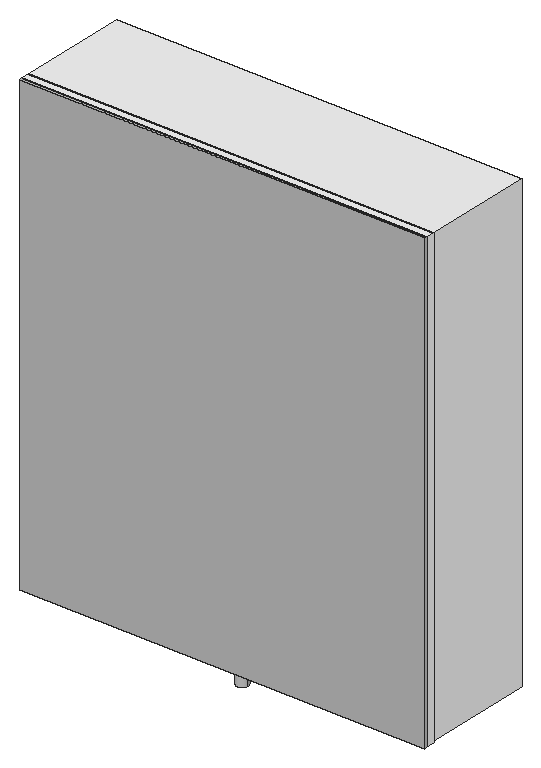
Revit family "Plumbing-Fix_Sanitary-Cabinet_Stern_BTM-Faucet", category Plumbing Fixtures, Revit 2015
Parameters (values of type "Battery Pack 1.58 GPM")
  Width Right of Faucet [instance] = 1' - 3 3/4"
  Width Left of Faucet [instance] = 1' - 3 3/4"
  Waste Connection = no
  Warranty Duration (Years) = 2
  WFU = 0
  Vent Connection = no
  Unit Height [instance] = 2' - 11 3/8"
  Unit Depth [instance] = 0' - 9 3/8"
  URL = "http://www.sternfaucets.com/"
  Type Comments = ""
  Spout Reach [instance] = 0' - 7.45744"
  Specification = ""
  SpecWizard = ""
  Show Generic Cabinet [instance] = yes
  Sales Information = "http://www.sternfaucets.com/contact-us/contact-us-int-l.html"
  Revision = "R1_2018-04"
  Product Properties = ""
  Product Data = "http://www.arcat.com/arcatcos/cos50/arc50092.html"
  Power Supply = "9V Battery Pack"
  Piping_Inlet Diameter = 1/2"
  Piping_Flow = 1.58 GPM
  Operating Temperature Range = "Up to 149 F / 65 C"
  Operating Pressure Range = "7.26 - 116 PSI  ;  0.5 - 8 bar"
  Mounting Height [instance] = 1' - 8"
  Model = "BTM B"
  Mirror Material [instance] = Finish - Stern - Mirror
  Manufacturer Website = "http://www.sternfaucets.com/"
  Manufacturer Phone - Toll Free = "800-436-4410"
  Manufacturer Phone = ""
  Manufacturer Fax = ""
  Manufacturer Address = "777 Passaic Ave.  Clifton, NJ 07012"
  Manufacturer = "Stern Engineering"
  Maintenance Schedule (Months) = 0
  Keynote = ""
  Installation-Fabrication = ""
  Installation Phase = ""
  HWFU = 1
  HW Connection = yes
  Green Building-LEED = ""
  Frame Finish [instance] = Finish - Stern - White
  Fixture Finish [instance] = Finish - Stern - Chrome
  Expected Lifespan (Years) = 0
  Drawn By = "Sumex Design, Inc. / Robert S. Weygant, CSI, CDT, SCIP"
  Description = "Stern Concealed Touchless Faucet - BTM B as Specified"
  Default Elevation = 0' - 0"
  Cost = 0
  Copyright = "©Arcat Inc."
  Construction Details = ""
  Clearance Material [instance] = ARCAT Clearance
  CWFU = 1
  CW Connection = yes
  Body Construction = "Brass"
  Assembly Code = "D2090900"
  Accent Color [instance] = Finish - Stern - Black
Types (4): name | Power Supply | Piping_Flow | Model | Description
  Battery Pack 1.58 GPM | "9V Battery Pack" | 1.58 GPM | "BTM B" | "Stern Concealed Touchless Faucet - BTM B as Specified"
  Battery Pack 0.5 GPM | "9V Battery Pack" | 0.5 GPM | "BTM B" | "Stern Concealed Touchless Faucet - BTM B as Specified"
  Transformer 1.58 GPM | "9V Transformer" | 1.58 GPM | "BTM E" | "Stern Concealed Touchless Faucet - BTM E as Specified"
  Transformer 0.5 GPM | "9V Transformer" | 0.5 GPM | "BTM E" | "Stern Concealed Touchless Faucet - BTM E as Specified"
Reference planes (in)
  plane 1 "Center (Front/Back)": y = 0
  plane 2 "Bottom": z = 0
  plane 3 "Center (Left/Right)": x = 0
  plane 4 "Front": y = -9.375
  plane 5 "Left": x = -15.75
  plane 6 "Right": x = 15.75
  plane 7: z = 20
  plane 8: z = 55.375
  plane 9: y = -8.5625
  plane 10: y = -7.45744
Forms (in)
  Extrusion 1, solid, material "Finish - Stern - White" <- "Frame Finish", visible <- "Show Generic Cabinet"
    sketch origin (0, 0, 0) x (1, 0, 0) y (0, 0, 1)
      loop
        line (-15.75, 55.375) -> (-15.75, 20) -> (15.75, 20) -> (15.75, 55.375) -> (-15.75, 55.375)
    from 0 to 8.5625
  Extrusion 2, solid, material "Finish - Stern - White" <- "Frame Finish", visible <- "Show Generic Cabinet"
    sketch origin (0, -8.5625, 62.95246) x (0, 0, 1) y (1, 0, 0)
      loop
        line (-7.57746, -15.75) -> (-7.57746, 15.75) -> (-43.13996, 15.75) -> (-43.13996, -15.75) -> (-7.57746, -15.75)
    from 0 to -0.625
  Extrusion 3, solid, material "Finish - Stern - Mirror" <- "Mirror Material", visible <- "Show Generic Cabinet"
    sketch origin (-11.94222, -9.375, 48) x (-1, 0, 0) y (0, 0, 1)
      loop
        line (3.80778, 7.375) -> (-27.69222, 7.375) -> (-27.69222, -28.1875) -> (3.80778, -28.1875) -> (3.80778, 7.375)
    from 0 to 0.1875
  Extrusion 4, solid
    sketch origin (0, 0, 0) x (1, 0, 0) y (0, 0, 1)
      loop
        circle (0, 39.30003) r 0.75
    from 0 to 1.70646
Dimensions and locks (in)
  "Unit Depth": plane 1 "Center (Front/Back)" to plane 4 "Front"
  "Mounting Height": plane 7 to level
  "Unit Height": plane 8 to plane 7
  locked: plane 4 "Front" to plane 9 at 0.8125
  locked: plane 7 to Extrusion 2 sketch curve at 0.1875
  locked: plane 7 to Extrusion 3 sketch curve at 0.1875
  "Width Right of Faucet": plane 6 "Right" to plane 3 "Center (Left/Right)"
  "Width Left of Faucet": plane 3 "Center (Left/Right)" to plane 5 "Left"
  "Spout Reach": plane 10 to plane 1 "Center (Front/Back)"
  aligned and locked: plane 5 "Left" to Extrusion 1 sketch curve
  aligned and locked: plane 7 to Extrusion 1 sketch curve
  aligned and locked: Extrusion 1 sketch curve to plane 6 "Right"
  aligned and locked: Extrusion 1 sketch curve to plane 8
  aligned and locked: Extrusion 1 to plane 9
  aligned and locked: Extrusion 2 sketch curve to Extrusion 1  (x3)
  aligned and locked: Extrusion 3 sketch curve to Extrusion 1  (x3)
  aligned and locked: nested 1 to plane 10
  aligned and locked: plane 3 "Center (Left/Right)" to nested 1
Automatic sketch dimensions
  plane 3 "Center (Left/Right)" to Extrusion 4 sketch curve = 0' - 0"
  Extrusion 4 sketch curve to plane 8 = 1' - 4.07497"
  radius of Extrusion 4 sketch curve = 0' - 0 3/4"
Nested families (in)
  nested 1: "BTMFaucet" at (0, -7.45744, 19.9375), accent <- "Accent Color", fixture <- "Fixture Finish", type "as Specified"
    with fixture Finish - Stern - Chrome, accent Finish - Stern - Black
Connectors (in)
  piping at (0, 0, 39.30003), diameter 0.5, driven by "Piping_Flow", driven by "Piping_Inlet Diameter"
    settings: on Extrusion 4, index 2, connector inside diameter 24", connector length 0' - 0", flow factor 0, pipe flow 1.58 GPM, pressure drop 0.00 psi, fitting loss kfactor 0, connector angle 0.00°, fixture units 0, engagement length 0' - 0", angle of deflection 0.00°, flow configuration 0, flow direction 1, fitting loss method 0, system type 29, joint type 0, gender type 0, connector reference index -1, connector utility 0, adjustable connector no, is connector primary yes, connector description "Cold or Tempered Inlet"
  electrical at (0, 0, 37.6875)
    settings: on Extrusion 1, index 3, voltage 0 V, apparent load 0 VA, apparent load phase1 0 VA, apparent load phase2 0 VA, apparent load phase3 0 VA, power factor 1, load classification "Other", number of poles 1, system type 31, power factor state 1, is connector primary yes, connector utility no, sub classification motor no, connector description ""
Definition of nested family "BTMFaucet"
  Parameters (values of type "Family2")
    fixture [instance] = none
    accent [instance] = none
    Default Elevation = 4' - 0"
  Reference planes (in)
    plane 1 "Center (Front/Back)": y = 0
    plane 2: z = 0
    plane 3 "Center (Left/Right)": x = 0
  Forms (in)
    Extrusion 1, solid, material <- "fixture"
      sketch origin (0, 0, 0) x (1, 0, 0) y (0, 1, 0)
        loop
          circle (0, 0) r 0.4375
      from 0 to -2
    Extrusion 2, solid, material <- "fixture"
      sketch origin (0, 0, 0) x (1, 0, 0) y (0, 1, 0)
        loop
          line (-1.75, -0.875) -> (1.75, -0.875) -> (1.75, 3.875) -> (-1.75, 3.875) -> (-1.75, -0.875)
      from 0 to 0.0625
    Extrusion 3, solid, material <- "fixture"
      sketch origin (0, 0, 0) x (1, 0, 0) y (0, 0, 1)
        loop
          line (-1.75, 0) -> (1.75, 0) -> (1.75, 4.75) -> (-1.75, 4.75) -> (-1.75, 0)
      from -3.875 to -3.79479
    Revolve 4, solid, material <- "accent"
      sketch origin (0, 0, 0) x (1, 0, 0) y (0, 0, 1)
        loop
          line (-0.53489, 0.0625) -> (0, 0.0625) -> (0, 4.49727) -> (-0.63662, 4.49727) -> (-0.63662, 4.08973) -> (-0.55497, 4.08973) -> (-0.51652, 3.53991) -> (-0.66174, 3.53991) -> (-0.66174, 3.28991) -> (-0.51652, 3.28991) -> (-0.51652, 2.62196) -> (-0.46522, 2.62196) -> (-0.46522, 1.27821) -> (-0.36767, 1.27821) -> (-0.36767, 0.75289) -> (-0.81359, 0.75289) -> (-0.81359, 0.68321) -> (-0.53489, 0.68321) -> (-0.53489, 0.0625)
        axis (0, 4.49727) -> (0, 0.0625)
      angle from 0 to 360
    Extrusion 5, solid, material <- "accent"
      sketch origin (0, 0, 0) x (1, 0, 0) y (0, 1, 0)
        loop
          line (0.96838, 0.89489) -> (0.96838, -0.67737) -> (1.58842, -0.67737) -> (1.58842, 0.89489) -> (0.96838, 0.89489)
      from 0.0625 to 0.634
    Extrusion 6, solid, material <- "accent"
      sketch origin (0, 0, 0) x (1, 0, 0) y (0, 1, 0)
        loop
          arc (1.08693, -0.36815) -> (1.2835, -0.56472) -> (1.48006, -0.36815) r 0.19656
          line (1.48006, -0.36815) -> (1.48006, 0.5381)
          arc (1.48006, 0.5381) -> (1.2835, 0.73466) -> (1.08693, 0.5381) r 0.19656
          line (1.08693, 0.5381) -> (1.08693, -0.36815)
      from -0.01045 to 0.0625
    Extrusion 7, solid, material <- "accent"
      sketch origin (0, 0, -2) x (0, 1, 0) y (1, 0, 0)
        loop
          circle (0, 0) r 0.41325
      from -0.33368 to 0.00694
  Dimensions and locks (in)
    aligned and locked: plane 2 to level
